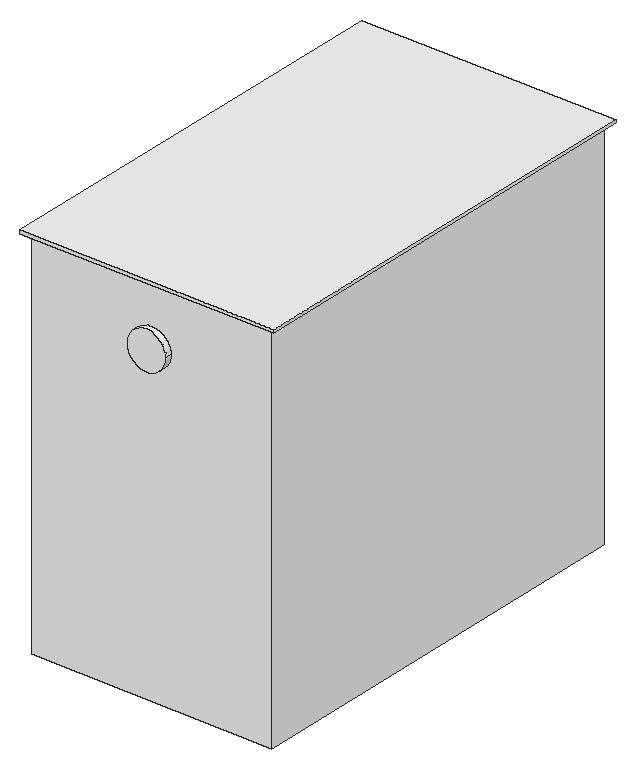
Revit family "Plumbing Fixture-Grease_Interseptor_Mifab_MI-FISH", category Plumbing Fixtures, host Face, Revit 2013
Parameters (values of type "MI-FISH-9")
  Water Capacity = "506.42 Gallons"
  WFU = 0
  URL = "www.mifab.com"
  Standard Inlet And Outlet Radii = F / 2  # 3.000"
  Model = "MI-FISH-9"
  Manufacturer = "MIFAB"
  Interceptor Material = Acid Resistant Epoxy Coated Green
  F = 6.000"
  E = 60.000"
  Description = "Fish Scale Interceptor"
  Default Elevation = 0.000"
  D = 50.000"
  C = 10.000"
  B = 40.000"
  Assembly Code = "D2090300"
  A = 67.500"
Types (13): name | Water Capacity | Standard Inlet And Outlet Radii | Model | F | E | D | C | B | A
  (no name) | "506.42 Gallons" | 3.000" | "MI-FISH-9" | 6.000" | 60.000" | 50.000" | 10.000" | 40.000" | 67.500"
  MI-FISH-1 | "34.29 Gallons" | 1.000" | "MI-FISH-1" | 2.000" | 20.000" | 17.000" | 3.000" | 20.000" | 29.500"
  MI-FISH-2 | "40.74 Gallons" | 1.500" | "MI-FISH-2" | 3.000" | 24.000" | 20.000" | 4.000" | 20.500" | 29.500"
  MI-FISH-3 | "80.18 Gallons" | 1.500" | "MI-FISH-3" | 3.000" | 30.000" | 26.000" | 4.000" | 26.000" | 33.500"
  MI-FISH-4 | "114.03 Gallons" | 1.500" | "MI-FISH-4" | 3.000" | 32.000" | 28.000" | 4.000" | 30.000" | 37.500"
  MI-FISH-5 | "155.64 Gallons" | 2.000" | "MI-FISH-5" | 4.000" | 36.000" | 30.000" | 6.000" | 26.000" | 55.500"
  MI-FISH-6 | "213.80 Gallons" | 3.000" | "MI-FISH-6" | 6.000" | 40.000" | 32.000" | 8.000" | 28.000" | 67.500"
  MI-FISH-7 | "302.26 Gallons" | 3.000" | "MI-FISH-7" | 6.000" | 54.000" | 44.000" | 10.000" | 28.000" | 67.500"
  MI-FISH-8 | "404.91 Gallons" | 3.000" | "MI-FISH-8" | 6.000" | 66.000" | 54.000" | 12.000" | 30.000" | 67.500"
  MI-FISH-9 | "506.42 Gallons" | 3.000" | "MI-FISH-9" | 6.000" | 60.000" | 50.000" | 10.000" | 40.000" | 67.500"
  MI-FISH-10 | "868.65 Gallons" | 3.000" | "MI-FISH-10" | 6.000" | 62.000" | 54.000" | 8.000" | 40.000" | 91.500"
  MI-FISH-11 | "1017.35 Gallons" | 3.000" | "MI-FISH-11" | 6.000" | 66.000" | 54.000" | 12.000" | 50.000" | 98.000"
  MI-FISH-12 | "1536 Gallons" | 3.000" | "MI-FISH-12" | 6.000" | 92.000" | 80.000" | 12.000" | 50.000" | 98.000"
Reference planes (in)
  plane 1 "Center (Front/Back)": y = 0
  plane 2: z = 0
  plane 3 "Center (Left/Right)": x = 0
  plane 4: x = -20
  plane 5: y = -33.75
  plane 6: y = 33.75
  plane 7: x = 20
  plane 8: z = -10
  plane 9: z = -60
  plane 10: z = -60
  plane 11: z = -0.1345
  plane 12: z = -59.8655
Forms (in)
  Extrusion 1, solid, material "Acid Resistant Epoxy Coated Green" <- "Interceptor Material"
    sketch origin (0, 0, 0) x (1, 0, 0) y (0, 1, 0)
      loop
        line (-20, 33.75) -> (-20, -33.75) -> (20, -33.75) -> (20, 33.75) -> (-20, 33.75)
    from 0 to -0.5
  Extrusion 2, solid, material "Acid Resistant Epoxy Coated Green" <- "Interceptor Material"
    sketch origin (0, 0, 0) x (1, 0, 0) y (0, 1, 0)
      loop
        line (-19, 32.75) -> (-19, -32.75) -> (19, -32.75) -> (19, 32.75) -> (-19, 32.75)
    from 0 to -60
  Extrusion 3, solid, material "Acid Resistant Epoxy Coated Green" <- "Interceptor Material"
    sketch origin (0, 0, 0) x (1, 0, 0) y (0, 0, 1)
      loop
        circle (0, -10) r 3
    from -33.75 to 33.75
Cuts and joins
  joined: Extrusion 1, Extrusion 2, Extrusion 3
Lines and regions (in)
  symbolic lines, style "PlumbingFixtures"
    curve 1: line (-20, 33.75, 0) -> (20, 33.75, 0)
    curve 2: line (-20, -33.75, 0) -> (-20, 33.75, 0)
    curve 3: line (20, -33.75, 0) -> (-20, -33.75, 0)
    curve 4: line (20, 33.75, 0) -> (20, -33.75, 0)
Dimensions and locks (in)
  equal spacing: plane 4, plane 3 "Center (Left/Right)", plane 7
  equal spacing: plane 6, plane 1 "Center (Front/Back)", plane 5
  "B": plane 4 to plane 7
  "A": plane 6 to plane 5
  "C": host face to plane 8
  "D": plane 8 to plane 9
  "E": host face to plane 10
  equal spacing: Extrusion 2 sketch curve, plane 3 "Center (Left/Right)", Extrusion 2 sketch curve
  equal spacing: Extrusion 2 sketch curve, plane 1 "Center (Front/Back)", Extrusion 2 sketch curve
  Extrusion 2 sketch curve to plane 6 = 1.000"
  plane 4 to Extrusion 2 sketch curve = 1.000"
  locked: plane 12 to plane 10 at 0.1345
  locked: host face to plane 11 at 0.1345
  "F": diameter of Extrusion 3 sketch curve
  aligned and locked: plane 2 to host face
  aligned and locked: level to host face
  aligned and locked: Extrusion 1 sketch curve to plane 6
  aligned and locked: plane 4 to Extrusion 1 sketch curve
  aligned and locked: plane 5 to Extrusion 1 sketch curve
  aligned and locked: Extrusion 1 sketch curve to plane 7
  aligned and locked: Extrusion 2 to plane 9
  aligned and locked: Extrusion 3 to plane 5
  aligned and locked: plane 6 to Extrusion 3
  aligned and locked: Extrusion 3 to cut or joined group of Extrusion 1, Extrusion 2, Extrusion 3
  aligned and locked: curve 1 to plane 6
  aligned and locked: plane 4 to curve 2
  aligned and locked: plane 5 to curve 3
  aligned and locked: curve 4 to plane 7
Automatic sketch dimensions
  host sketch curve to host sketch curve = 93.11571"
  host sketch curve to host sketch curve = 125.84931"
  Extrusion 3 sketch curve to plane 3 "Center (Left/Right)" = 0.000"
  Extrusion 3 sketch curve to plane 8 = 0.000"
Connectors (in)
  piping at (0, 33.75, -10), driven by "Standard Inlet And Outlet Radii"
    settings: on cut or joined group of Extrusion 1, Extrusion 2, Extrusion 3, index 1, connector radius 3", flow factor 0, pipe flow 0 GPM, pressure drop 0.00 psi, fitting loss kfactor 0, connector angle 0.00°, fixture units 0, engagement length 0.000", flow configuration 0, flow direction 1, fitting loss method 0, system type 16, joint type 0, gender type 0, connector reference index -1, connector utility 0, adjustable connector no, is connector primary yes, fitting loss table "", connector description "In"
  piping at (0, -33.75, -10), driven by "Standard Inlet And Outlet Radii"
    settings: on cut or joined group of Extrusion 1, Extrusion 2, Extrusion 3, index 2, connector radius 3", flow factor 0, pipe flow 0 GPM, pressure drop 0.00 psi, fitting loss kfactor 0, connector angle 0.00°, fixture units 0, engagement length 0.000", flow configuration 0, flow direction 2, fitting loss method 0, system type 16, joint type 0, gender type 0, connector reference index -1, connector utility 0, adjustable connector no, is connector primary no, fitting loss table "", connector description "Out"
